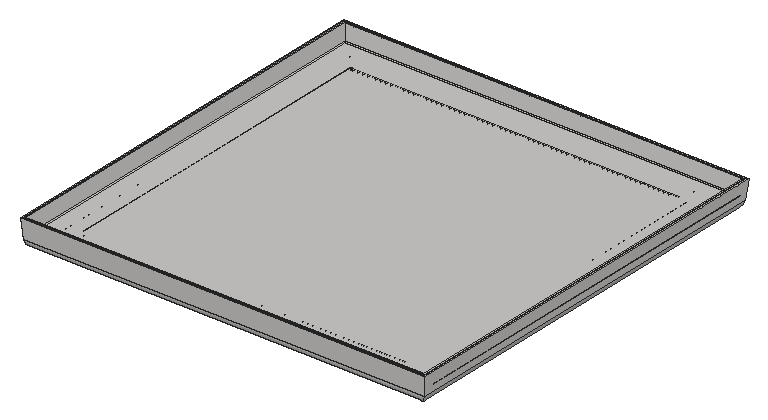
Revit family "Gorter BV-FL 600x600mm", category Generic Models, host Face, Revit 2019
Family settings
  Host = Face
  Can host rebar = No
  Round Connector Dimension = Use Diameter
  Part Type = Normal
  Cut with Voids When Loaded = Yes
  Shared = Yes
  Room Calculation Point = No
Parameters (values of type "BV-FL 600x600mm")
  vullen_met_beton = "ja"  # constant formula
  vergrendeling = "nee"  # constant formula
  uitwendige_lengte = 730 mm
  uitwendige_breedte = 730 mm
  sluiting = "4"  # constant formula
  scharnierend = "nee"  # constant formula
  rubberen_afdichting = "enkel"  # constant formula
  productgroep = ""
  materiaal = bcb_staal
  inbouwhoogte [instance] = 50 mm
  geïsoleerd = "nee"  # constant formula
  gewicht = "21"
  gasdrukveer = "nee"  # constant formula
  brandwerend 90 min = "nee"  # constant formula
  binnenmaat_lengte = uitwendige_lengte - 130 mm  # 600 mm
  binnenmaat_breedte = uitwendige_breedte - 130 mm  # 600 mm
  binnenluik = "tbv betonvulling"  # constant formula
  belasting = "15 kN"  # constant formula
  URL = ""
  Model = "BV-FL"  # constant formula
  Manufacturer = "Gorter"  # constant formula
  Description = "BV-FL 66"
  Default Elevation = 1219.2 mm
Types (6, lengths in mm): name | uitwendige_lengte | uitwendige_breedte | gewicht | binnenmaat_lengte | binnenmaat_breedte | Description
  (no name) | 730 | 730 | "21" | 600 | 600 | "BV-FL 66"
  BV-FL 600x400mm | 730 | 530 | "17" | 600 | 400 | "BV-FL 64"
  BV-FL 600x600mm | 730 | 730 | "21" | 600 | 600 | "BV-FL 66"
  BV-FL 800x600mm | 930 | 730 | "27" | 800 | 600 | "BV-FL 86"
  BV-FL 800x800mm | 930 | 930 | "31" | 800 | 800 | "BV-FL 88"
  BV-FL 1000x600mm | 1130 | 730 | "31" | 1000 | 600 | "BV-FL 106"
Reference planes
  plane 1 "Center (Front/Back)": y = 0
  plane 2: z = 0
  plane 3 "Center (Left/Right)": x = 0
  plane 4: y = 365
  plane 5: y = -365
  plane 6: x = 365
  plane 7: x = -365
  plane 8: z = -49.999
  plane 9: x = -323
  plane 10: y = 323
  plane 11: y = -323
  plane 12: x = 323
  plane 13: x = -203
  plane 14: x = 203
  plane 15: y = -203
  plane 16: y = 203
Forms (mm)
  Sweep 1, solid, material "bcb_staal" <- "materiaal", detail levels medium+fine
    path origin (0, 0, 0) x (1, 0, 0) y (0, 1, 0)
      loop
        line (-365, 365) -> (-365, -365) -> (365, -365) -> (365, 365) -> (-365, 365)
    profile origin (-365, 0, 0) x (-1, 0, 0) y (0, 0, 1)
      loop
        line (0.009, 0) -> (-2.001, 0) -> (-5.562, -35.738)
        arc (-5.562, -35.738) -> (-16.525, -46.911) -> (-29.802, -38.618) r 12.5
        line (-29.802, -38.618) -> (-32.224, -31.678)
        arc (-32.224, -31.678) -> (-35.91, -29) -> (-39.712, -31.509) r 4
        line (-39.712, -31.509) -> (-41.862, -36.866)
        arc (-41.862, -36.866) -> (-45.769, -39.945) -> (-50.399, -38.129) r 5
        line (-50.399, -38.129) -> (-54.14, -32.98)
        arc (-54.14, -32.98) -> (-60.849, -30.791) -> (-65, -36.499) r 6
        line (-65, -36.499) -> (-65, -49.999) -> (-63, -49.999) -> (-63, -36.499)
        arc (-63, -36.499) -> (-60.234, -32.694) -> (-55.762, -34.151) r 4
        line (-55.762, -34.151) -> (-52.167, -39.108)
        arc (-52.167, -39.108) -> (-45.642, -41.946) -> (-40.004, -37.606) r 7
        line (-40.004, -37.606) -> (-37.856, -32.254)
        arc (-37.856, -32.254) -> (-35.951, -30.999) -> (-34.11, -32.345) r 2
        line (-34.11, -32.345) -> (-31.69, -39.277)
        arc (-31.69, -39.277) -> (-16.289, -48.897) -> (-3.571, -35.936) r 14.5
        line (-3.571, -35.936) -> (0.009, 0)
  Sweep 2, solid, material "bcb_staal" <- "materiaal", detail levels medium+fine
    path origin (0, 0, 0) x (1, 0, 0) y (0, 1, 0)
      loop
        line (-365.009, 365.009) -> (-365.009, -365.009) -> (365.009, -365.009) -> (365.009, 365.009) -> (-365.009, 365.009)
    profile origin (-365.009, 0, 0) x (-1, 0, 0) y (0, 0, 1)
      loop
        line (-8.021, -25.628) -> (-3.97, 0) -> (-5.978, 0) -> (-9.971, -25.313)
        arc (-9.971, -25.313) -> (-10.655, -26.538) -> (-11.971, -27.024) r 2.024
        line (-11.971, -27.024) -> (-67.5, -27.024) -> (-67.5, -28.988) -> (-12.284, -28.988)
        arc (-12.284, -28.988) -> (-9.495, -28.142) -> (-8.021, -25.628) r 4
  Sweep 3, solid, material "bcb_staal" <- "materiaal", detail levels coarse
    path origin (0, 0, 0) x (1, 0, 0) y (0, 1, 0)
      loop
        line (-365.009, 365.009) -> (-365.009, -365.009) -> (365.009, -365.009) -> (365.009, 365.009) -> (-365.009, 365.009)
    profile origin (-365.009, 0, 0) x (-1, 0, 0) y (0, 0, 1)
      loop
        line (0, 0) -> (-4.5, 0) -> (-8.78, -27.024) -> (-67.5, -27.024) -> (-67.5, -49.999) -> (-4.982, -49.999) -> (0, 0)
  Extrusion 4, solid, material "bcb_staal" <- "materiaal", detail levels medium+fine
    sketch origin (0, 0, 0) x (1, 0, 0) y (0, 1, 0)
      loop
        line (-300, 300) -> (-300, -300) -> (300, -300) -> (300, 300) -> (-300, 300)
    from -28.988 to -27.024
  Extrusion 5, solid, material "bcb_staal" <- "materiaal", detail levels coarse
    sketch origin (0, 0, 0) x (1, 0, 0) y (0, 1, 0)
      loop
        line (-297.509, 297.509) -> (-297.509, -300) -> (300, -300) -> (300, 297.509) -> (-297.509, 297.509)
    from -49.999 to -27.024
  Extrusion 6, void
    sketch origin (0, 0, 0) x (1, 0, 0) y (0, 1, 0)
      loop
        line (-203, -203) -> (203, -203) -> (203, 203) -> (-203, 203) -> (-203, -203)
    from -500 to 10
  Sweep 7, void
    path origin (0, 0, 0) x (1, 0, 0) y (0, 1, 0)
      loop
        line (-365, 365) -> (-365, -365) -> (365, -365) -> (365, 365) -> (-365, 365)
    profile origin (-365, 0, 0) x (-1, 0, 0) y (0, 0, 1)
      loop
        line (0.498, 5) -> (-162, 5) -> (-162, -365) -> (-65.5, -365) -> (-65.5, -49.999) -> (-4.982, -49.999) -> (0.498, 5)
Cuts and joins
  joined: Sweep 2, Extrusion 4
  joined: Sweep 3, Extrusion 5
Dimensions and locks
  equal spacing: plane 7, plane 3 "Center (Left/Right)", plane 6
  "uitwendige_breedte": plane 7 to plane 6
  equal spacing: plane 4, plane 1 "Center (Front/Back)", plane 5
  "uitwendige_lengte": plane 4 to plane 5
  locked: plane 4 to plane 10 at 42
  locked: plane 7 to plane 9 at 42
  locked: plane 12 to plane 6 at 42
  locked: plane 5 to plane 11 at 42
  locked: plane 9 to plane 13 at 120
  locked: plane 14 to plane 12 at 120
  locked: plane 15 to plane 11 at 120
  locked: plane 10 to plane 16 at 120
  aligned and locked: plane 2 to host face
  aligned and locked: level to host face
  aligned and locked: Sweep 1 sketch curve to plane 4
  aligned and locked: plane 7 to Sweep 1 sketch curve
  aligned and locked: plane 5 to Sweep 1 sketch curve
  aligned and locked: Sweep 1 sketch curve to plane 6
  aligned and locked: Sweep 2 sketch curve to Sweep 1  (x4)
  aligned and locked: Sweep 3 sketch curve to Sweep 1  (x4)
  aligned and locked: Extrusion 4 sketch curve to Sweep 1  (x4)
  aligned and locked: Extrusion 5 sketch curve to Sweep 3  (x2)
  aligned and locked: Extrusion 5 sketch curve to Sweep 1
  aligned and locked: Sweep 1 to Extrusion 5 sketch curve
  aligned and locked: Extrusion 6 to plane 16
  aligned and locked: Extrusion 6 to plane 14
  aligned and locked: Extrusion 6 to plane 15
  aligned and locked: Extrusion 6 to plane 13
  aligned and locked: Sweep 7 sketch curve to plane 4
  aligned and locked: Sweep 7 sketch curve to plane 6
  aligned and locked: plane 5 to Sweep 7 sketch curve
  aligned and locked: plane 7 to Sweep 7 sketch curve
Automatic sketch dimensions
  host sketch curve to host sketch curve = 2000 mm  (x2)
  Sweep 2 sketch curve to level = 0 mm
  profile plane to Sweep 2 sketch curve = 12.284 mm
  Sweep 2 sketch curve to Sweep 2 sketch curve = 0.313 mm  (x2)
  Sweep 2 sketch curve to Sweep 2 sketch curve = 0 mm  (x2)
  Sweep 2 sketch curve to Sweep 2 sketch curve = 1.95 mm
  Sweep 2 sketch curve to Sweep 2 sketch curve = 0.315 mm
  Sweep 2 sketch curve to Sweep 2 sketch curve = 55.529 mm
  profile plane to Sweep 2 sketch curve = 5.978 mm
  Sweep 2 sketch curve to Sweep 2 sketch curve = 2.008 mm
  Sweep 2 sketch curve to level = 27.024 mm
  Sweep 2 sketch curve to Sweep 2 sketch curve = 1.963 mm
  Extrusion 6 sketch curve to plane 11 = 120 mm
  Extrusion 6 sketch curve to plane 1 "Center (Front/Back)" = 203 mm
  Extrusion 6 sketch curve to plane 13 = 0 mm
  Extrusion 6 sketch curve to plane 14 = 0 mm
  Sweep 1 sketch curve to level = 0 mm
  profile plane to Sweep 1 sketch curve = 65 mm
  Sweep 1 sketch curve to Sweep 1 sketch curve = 2 mm
  Sweep 1 sketch curve to Sweep 1 sketch curve = 4 mm
  Sweep 1 sketch curve to Sweep 1 sketch curve = 0 mm  (x5)
  Sweep 1 sketch curve to level = 34.151 mm
  Sweep 1 sketch curve to Sweep 1 sketch curve = 3.238 mm
  Sweep 1 sketch curve to level = 32.98 mm
  Sweep 1 sketch curve to Sweep 1 sketch curve = 1.622 mm
  Sweep 1 sketch curve to Sweep 1 sketch curve = 3.595 mm
  Sweep 1 sketch curve to Sweep 1 sketch curve = 1.768 mm
  Sweep 1 sketch curve to Sweep 1 sketch curve = 3.899 mm
  Sweep 1 sketch curve to level = 36.866 mm
  Sweep 1 sketch curve to Sweep 1 sketch curve = 4.638 mm
  Sweep 1 sketch curve to Sweep 1 sketch curve = 1.858 mm
  Sweep 1 sketch curve to Sweep 1 sketch curve = 2.15 mm
  Sweep 1 sketch curve to Sweep 1 sketch curve = 1.856 mm  (x2)
  Sweep 1 sketch curve to level = 32.345 mm
  Sweep 1 sketch curve to Sweep 1 sketch curve = 1.89 mm
  Sweep 1 sketch curve to Sweep 1 sketch curve = 1.886 mm
  Sweep 1 sketch curve to Sweep 1 sketch curve = 2.42 mm
  Sweep 1 sketch curve to Sweep 1 sketch curve = 1.888 mm
  Sweep 1 sketch curve to Sweep 1 sketch curve = 11.802 mm
  profile plane to Sweep 1 sketch curve = 5.562 mm
  Sweep 1 sketch curve to Sweep 1 sketch curve = 1.99 mm
  profile plane to Sweep 1 sketch curve = 2.001 mm
  Sweep 1 sketch curve to profile plane = 0.009 mm
  Sweep 1 sketch curve to Sweep 1 sketch curve = 0.739 mm
  Sweep 1 sketch curve to Sweep 1 sketch curve = 5.148 mm
  Sweep 1 sketch curve to Sweep 1 sketch curve = 6.273 mm
  Sweep 1 sketch curve to Sweep 1 sketch curve = 0.979 mm
  Sweep 1 sketch curve to Sweep 1 sketch curve = 0.659 mm
  Sweep 1 sketch curve to Sweep 1 sketch curve = 13.5 mm
  Sweep 1 sketch curve to Sweep 1 sketch curve = 2.682 mm
  Sweep 1 sketch curve to Sweep 1 sketch curve = 0.198 mm
  Sweep 1 sketch curve to Sweep 1 sketch curve = 0.654 mm
  Sweep 1 sketch curve to Sweep 1 sketch curve = 0.667 mm
  Sweep 3 sketch curve to level = 0 mm
  Sweep 3 sketch curve to profile plane = 0 mm
  profile plane to Sweep 3 sketch curve = 4.5 mm
  profile plane to Sweep 3 sketch curve = 4.982 mm
  profile plane to Sweep 3 sketch curve = 8.78 mm
  Sweep 3 sketch curve to Sweep 3 sketch curve = 62.518 mm
  Sweep 3 sketch curve to level = 27.024 mm
  Sweep 3 sketch curve to Sweep 3 sketch curve = 22.974 mm
  level to Sweep 7 sketch curve = 5 mm
  profile plane to Sweep 7 sketch curve = 162 mm
  profile plane to Sweep 7 sketch curve = 65.5 mm
  profile plane to Sweep 7 sketch curve = 4.982 mm
  Sweep 7 sketch curve to profile plane = 0.498 mm
  Sweep 7 sketch curve to level = 49.999 mm
  Sweep 7 sketch curve to Sweep 7 sketch curve = 315.001 mm
